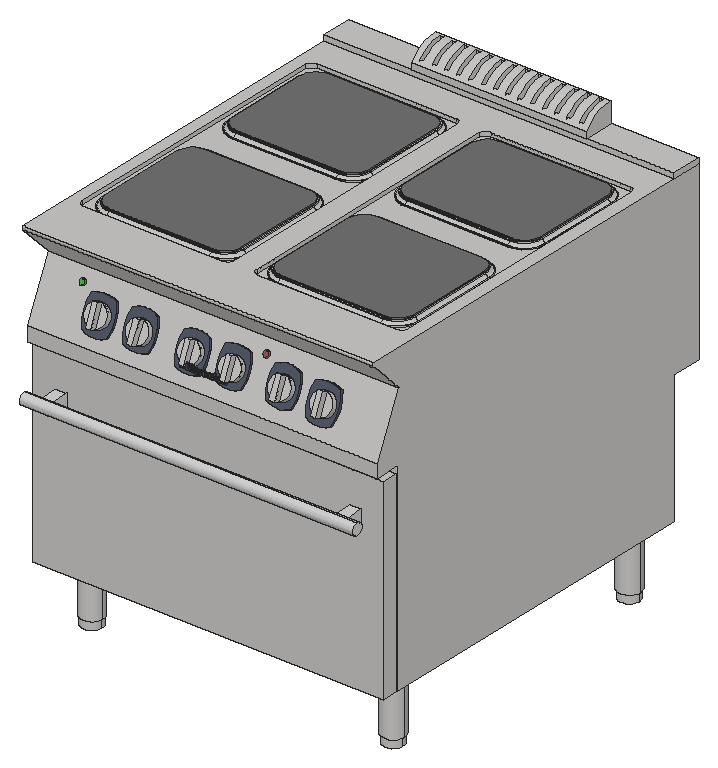
Revit family "QF_ELECTROLUXPROFESSIONAL_391184_E9ECMH4QE5", category Specialty Equipment, Revit 2018
Family settings
  Round Connector Dimension = Use Diameter
  Part Type = Normal
  Work Plane-Based = No
  Always vertical = Yes
  Cut with Voids When Loaded = No
  Shared = No
  Room Calculation Point = No
Parameters (values of type "Standard")
  Weight = 150.00 kg
  Watts = 0 W
  Volts = 400 V
  URL Manufacturer = "http://professional.electrolux.com"
  URL = "http://professional.electrolux.com"
  Steam Supply Size = 0"
  Steam Supply Minimum Pressure = 0.00 psi
  Steam Supply Maximum Pressure = 0.00 psi
  Steam Pounds per Hour = 0
  Show Logo [instance] = yes
  Show Clearance [instance] = yes
  Refrigeration Suction Line Size = 0 mm
  Refrigeration Liquid Line Size = 0 mm
  Refrigerant Compressor Remote = yes
  Phase = 3
  Model = "E9ECMH4QE5"
  Manufacturer = "Electrolux Professional"
  Length Actual = 800 mm  # constant formula
  Item Number = "391184"
  Hot Water Size = 0"
  Height Actual = 850 mm  # constant formula
  HP = "29.5 HP"
  Gas Size = 0"
  Gas KW = 0
  Gas Input Pressure = 0.0 Btu/h
  Direct Waste Size = 0"
  Description = "4HOT PLATE EL.RANGE+OVEN 800MM-400V-MAR."
  Depth Actual = 930 mm  # constant formula
  Cycle = 50 Hz
  Condensate Return Size = 0"
  Compressed Air Volume = 0 GPM
  Compressed Air Size = 0"
  Compressed Air Pressure = 0.00 psi
  Cold Water Size = 0"
  Accessory = yes
Reference planes
  plane 1 "BACK": y = 0
  plane 2: z = 0
  plane 3 "LEFT": x = 0
  plane 4 "RIGHT": x = 800
  plane 5 "FRONT": y = -930
  plane 6 "TOP": z = 851
  plane 7 "Center Y": x = 400
  plane 8 "Center X": y = -465
  plane 9 "BASE": z = 150
  plane 10: y = -802
  plane 11: y = -915
  plane 12: y = -128
  plane 13: y = -609
  plane 14: y = -583
  plane 15: x = 56
  plane 16: x = 744
  plane 17: z = 909
  plane 18: y = -1309
Forms (mm)
  Extrusion 1, solid, material "QF_Finishes_Stainless Steel"
    sketch origin (0, 0, 0) x (0, 1, 0) y (0, 0, 1)
      loop
        line (0, 851) -> (-928.041, 851)
        arc (-928.041, 851) -> (-929.999, 846.526) -> (-928.201, 841.985) r 6.35
        line (-928.201, 841.985) -> (-856.039, 767.809) -> (-915, 639.041) -> (-915, 606.789) -> (-859.023, 612.7) -> (-859.023, 150) -> (-71, 150) -> (-71, 450) -> (0, 450) -> (0, 851)
    from 0 to 800
  Extrusion 2, void
    sketch origin (0, -198.623, 849.237) x (-1, 0, 0) y (0, -1, 0)
      loop
        arc (-42.5, -55.089) -> (-31.893, -50.696) -> (-27.5, -40.089) r 15
        line (-27.5, -40.089) -> (-27.5, 595.262)
        arc (-27.5, 595.262) -> (-31.893, 605.868) -> (-42.5, 610.262) r 15
        line (-42.5, 610.262) -> (-359.751, 610.262)
        arc (-359.751, 610.262) -> (-370.358, 605.868) -> (-374.751, 595.262) r 15
        line (-374.751, 595.262) -> (-374.751, -40.089)
        arc (-374.751, -40.089) -> (-370.358, -50.696) -> (-359.751, -55.089) r 15
        line (-359.751, -55.089) -> (-42.5, -55.089)
      loop
        line (-757.5, -55.089) -> (-440.249, -55.089)
        arc (-440.249, -55.089) -> (-429.642, -50.696) -> (-425.249, -40.089) r 15
        line (-425.249, -40.089) -> (-425.249, 595.262)
        arc (-425.249, 595.262) -> (-429.642, 605.868) -> (-440.249, 610.262) r 15
        line (-440.249, 610.262) -> (-757.5, 610.262)
        arc (-757.5, 610.262) -> (-768.107, 605.868) -> (-772.5, 595.262) r 15
        line (-772.5, 595.262) -> (-772.5, -40.089)
        arc (-772.5, -40.089) -> (-768.107, -50.696) -> (-757.5, -55.089) r 15
    from 1.763 to -6.35
  Extrusion 3, solid, material "QF_Clearances", visible <- "Show Clearance", detail levels coarse
    sketch origin (0, -198.623, 634) x (1, 0, 0) y (0, 1, 0)
      loop
        line (0, -731.377) -> (0, 198.623) -> (800, 198.623) -> (800, -731.377) -> (900.019, -731.377) -> (900.019, 298.642) -> (-100.019, 298.642) -> (-100.019, -731.377) -> (0, -731.377)
    from -634 to 275
  Extrusion 4, solid, material "QF_Finishes_Stainless Steel"
    sketch origin (0, -198.623, 842.887) x (-1, 0, 0) y (0, -1, 0)
      loop
        arc (-86.725, 312.377) -> (-58.441, 324.092) -> (-46.725, 352.377) r 40
        line (-46.725, 352.377) -> (-46.725, 553.377)
        arc (-46.725, 553.377) -> (-58.441, 581.661) -> (-86.725, 593.377) r 40
        line (-86.725, 593.377) -> (-321.725, 593.377)
        arc (-321.725, 593.377) -> (-350.009, 581.661) -> (-361.725, 553.377) r 40
        line (-361.725, 553.377) -> (-361.725, 352.377)
        arc (-361.725, 352.377) -> (-350.009, 324.092) -> (-321.725, 312.377) r 40
        line (-321.725, 312.377) -> (-86.725, 312.377)
      loop
        line (-86.725, 230.796) -> (-321.725, 230.796)
        arc (-321.725, 230.796) -> (-350.009, 219.08) -> (-361.725, 190.796) r 40
        line (-361.725, 190.796) -> (-361.725, 1.796)
        arc (-361.725, 1.796) -> (-350.009, -26.488) -> (-321.725, -38.204) r 40
        line (-321.725, -38.204) -> (-86.725, -38.204)
        arc (-86.725, -38.204) -> (-58.441, -26.488) -> (-46.725, 1.796) r 40
        line (-46.725, 1.796) -> (-46.725, 190.796)
        arc (-46.725, 190.796) -> (-58.441, 219.08) -> (-86.725, 230.796) r 40
      loop
        line (-713.275, 312.377) -> (-478.275, 312.377)
        arc (-478.275, 312.377) -> (-449.991, 324.092) -> (-438.275, 352.377) r 40
        line (-438.275, 352.377) -> (-438.275, 553.377)
        arc (-438.275, 553.377) -> (-449.991, 581.661) -> (-478.275, 593.377) r 40
        line (-478.275, 593.377) -> (-713.275, 593.377)
        arc (-713.275, 593.377) -> (-741.559, 581.661) -> (-753.275, 553.377) r 40
        line (-753.275, 553.377) -> (-753.275, 352.377)
        arc (-753.275, 352.377) -> (-741.559, 324.092) -> (-713.275, 312.377) r 40
      loop
        arc (-713.275, 230.796) -> (-741.559, 219.08) -> (-753.275, 190.796) r 40
        line (-753.275, 190.796) -> (-753.275, 1.796)
        arc (-753.275, 1.796) -> (-741.559, -26.488) -> (-713.275, -38.204) r 40
        line (-713.275, -38.204) -> (-478.275, -38.204)
        arc (-478.275, -38.204) -> (-449.991, -26.488) -> (-438.275, 1.796) r 40
        line (-438.275, 1.796) -> (-438.275, 190.796)
        arc (-438.275, 190.796) -> (-449.991, 219.08) -> (-478.275, 230.796) r 40
        line (-478.275, 230.796) -> (-713.275, 230.796)
    from 0 to 10
  Sweep 5, solid, material "QF_Finishes_Stainless Steel"
    path origin (0, -198.623, 852.887) x (-1, 0, 0) y (0, -1, 0)
      loop
        line (-46.725, 352.377) -> (-46.725, 553.377)
        arc (-46.725, 553.377) -> (-58.441, 581.661) -> (-86.725, 593.377) r 40
        line (-86.725, 593.377) -> (-321.725, 593.377)
        arc (-321.725, 593.377) -> (-350.009, 581.661) -> (-361.725, 553.377) r 40
        line (-361.725, 553.377) -> (-361.725, 352.377)
        arc (-361.725, 352.377) -> (-350.009, 324.092) -> (-321.725, 312.377) r 40
        line (-321.725, 312.377) -> (-86.725, 312.377)
        arc (-86.725, 312.377) -> (-58.441, 324.092) -> (-46.725, 352.377) r 40
    profile origin (46.725, -651.5, 852.887) x (1, 0, 0) y (0, 0, 1)
      loop
        arc (0, -1.759) -> (-2.638, -5.472) -> (-6.35, -8.109) r 13.651
        line (-6.35, -8.109) -> (-8.064, -8.109) -> (-8.064, -10) -> (0, -10) -> (0, -1.759)
  Sweep 6, solid, material "QF_Finishes_Stainless Steel"
    path origin (0, 151.957, 852.887) x (-1, 0, 0) y (0, -1, 0)
      loop
        line (-46.725, 352.377) -> (-46.725, 541.377)
        arc (-46.725, 541.377) -> (-58.441, 569.661) -> (-86.725, 581.377) r 40
        line (-86.725, 581.377) -> (-321.725, 581.377)
        arc (-321.725, 581.377) -> (-350.009, 569.661) -> (-361.725, 541.377) r 40
        line (-361.725, 541.377) -> (-361.725, 352.377)
        arc (-361.725, 352.377) -> (-350.009, 324.092) -> (-321.725, 312.377) r 40
        line (-321.725, 312.377) -> (-86.725, 312.377)
        arc (-86.725, 312.377) -> (-58.441, 324.092) -> (-46.725, 352.377) r 40
    profile origin (46.725, -294.919, 852.887) x (1, 0, 0) y (0, 0, 1)
      loop
        arc (0, -1.759) -> (-2.638, -5.472) -> (-6.35, -8.109) r 13.651
        line (-6.35, -8.109) -> (-8.064, -8.109) -> (-8.064, -10) -> (0, -10) -> (0, -1.759)
  Extrusion 7, solid, material "QF_Finishes_Rubber Black"
    sketch origin (0, -198.623, 852.887) x (-1, 0, 0) y (0, -1, 0)
      loop
        arc (-49.725, 190.796) -> (-60.562, 216.959) -> (-86.725, 227.796) r 37
        line (-86.725, 227.796) -> (-321.725, 227.796)
        arc (-321.725, 227.796) -> (-347.888, 216.959) -> (-358.725, 190.796) r 37
        line (-358.725, 190.796) -> (-358.725, 1.796)
        arc (-358.725, 1.796) -> (-347.888, -24.367) -> (-321.725, -35.204) r 37
        line (-321.725, -35.204) -> (-86.725, -35.204)
        arc (-86.725, -35.204) -> (-60.562, -24.367) -> (-49.725, 1.796) r 37
        line (-49.725, 1.796) -> (-49.725, 190.796)
      loop
        arc (-86.725, 315.377) -> (-60.562, 326.214) -> (-49.725, 352.377) r 37
        line (-49.725, 352.377) -> (-49.725, 553.377)
        arc (-49.725, 553.377) -> (-60.562, 579.54) -> (-86.725, 590.377) r 37
        line (-86.725, 590.377) -> (-321.725, 590.377)
        arc (-321.725, 590.377) -> (-347.888, 579.54) -> (-358.725, 553.377) r 37
        line (-358.725, 553.377) -> (-358.725, 352.377)
        arc (-358.725, 352.377) -> (-347.888, 326.214) -> (-321.725, 315.377) r 37
        line (-321.725, 315.377) -> (-86.725, 315.377)
      loop
        line (-750.275, 190.796) -> (-750.275, 1.796)
        arc (-750.275, 1.796) -> (-739.438, -24.367) -> (-713.275, -35.204) r 37
        line (-713.275, -35.204) -> (-478.275, -35.204)
        arc (-478.275, -35.204) -> (-452.112, -24.367) -> (-441.275, 1.796) r 37
        line (-441.275, 1.796) -> (-441.275, 190.796)
        arc (-441.275, 190.796) -> (-452.112, 216.959) -> (-478.275, 227.796) r 37
        line (-478.275, 227.796) -> (-713.275, 227.796)
        arc (-713.275, 227.796) -> (-739.438, 216.959) -> (-750.275, 190.796) r 37
      loop
        line (-713.275, 315.377) -> (-478.275, 315.377)
        arc (-478.275, 315.377) -> (-452.112, 326.214) -> (-441.275, 352.377) r 37
        line (-441.275, 352.377) -> (-441.275, 553.377)
        arc (-441.275, 553.377) -> (-452.112, 579.54) -> (-478.275, 590.377) r 37
        line (-478.275, 590.377) -> (-713.275, 590.377)
        arc (-713.275, 590.377) -> (-739.438, 579.54) -> (-750.275, 553.377) r 37
        line (-750.275, 553.377) -> (-750.275, 352.377)
        arc (-750.275, 352.377) -> (-739.438, 326.214) -> (-713.275, 315.377) r 37
    from 0 to 2
  Extrusion 8, solid, material "QF_Finishes_Green"
    sketch origin (8.75, -915, 639.041) x (0, 0.416318, 0.909219) y (-1, 0, 0)
      loop
        circle (111.946, -80.648) r 6.35
    from 0 to 3.175
  Extrusion 9, solid, material "QF_Finishes_Stainless Steel"
    sketch origin (-24.783, -926.544, 650) x (0, 0.421077, 0.907025) y (-1, 0, 0)
      loop
        line (85.433, -162.517) -> (35.969, -162.517)
        arc (35.969, -162.517) -> (35.301, -168.303) -> (35.969, -174.089) r 25.4
        line (35.969, -174.089) -> (85.433, -174.089)
        arc (85.433, -174.089) -> (86.101, -168.303) -> (85.433, -162.517) r 25.4
      loop
        line (85.433, -257.517) -> (35.969, -257.517)
        arc (35.969, -257.517) -> (35.301, -263.303) -> (35.969, -269.089) r 25.4
        line (35.969, -269.089) -> (85.433, -269.089)
        arc (85.433, -269.089) -> (86.101, -263.303) -> (85.433, -257.517) r 25.4
      loop
        line (85.433, -375.017) -> (35.969, -375.017)
        arc (35.969, -375.017) -> (35.301, -380.803) -> (35.969, -386.589) r 25.4
        line (35.969, -386.589) -> (85.433, -386.589)
        arc (85.433, -386.589) -> (86.101, -380.803) -> (85.433, -375.017) r 25.4
      loop
        line (85.433, -468.767) -> (35.969, -468.767)
        arc (35.969, -468.767) -> (35.301, -474.553) -> (35.969, -480.339) r 25.4
        line (35.969, -480.339) -> (85.433, -480.339)
        arc (85.433, -480.339) -> (86.101, -474.553) -> (85.433, -468.767) r 25.4
      loop
        line (85.433, -582.517) -> (35.969, -582.517)
        arc (35.969, -582.517) -> (35.301, -588.303) -> (35.969, -594.089) r 25.4
        line (35.969, -594.089) -> (85.433, -594.089)
        arc (85.433, -594.089) -> (86.101, -588.303) -> (85.433, -582.517) r 25.4
      loop
        line (85.433, -677.517) -> (35.969, -677.517)
        arc (35.969, -677.517) -> (35.301, -683.303) -> (35.969, -689.089) r 25.4
        line (35.969, -689.089) -> (85.433, -689.089)
        arc (85.433, -689.089) -> (86.101, -683.303) -> (85.433, -677.517) r 25.4
    from 0 to 12.7
  Extrusion 10, solid, material "QF_Finishes_Stainless Steel"
    sketch origin (417.5, -915.025, 642.777) x (0, 0.421077, 0.907025) y (-1, 0, 0)
      loop
        circle (62.576, 274.037) r 25.4
      loop
        circle (62.576, 179.037) r 25.4
      loop
        circle (62.576, 61.537) r 25.4
      loop
        circle (62.576, -32.213) r 25.4
      loop
        circle (62.576, -145.963) r 25.4
      loop
        circle (62.576, -240.963) r 25.4
    from 0 to 12.7
  Extrusion 11, solid, material "QF_Finishes_Stainless Steel"
    sketch origin (0, -117, 150) x (-1, 0, 0) y (0, 1, 0)
      loop
        circle (-753, -596) r 12.7
    from 0 to 12.7
  Extrusion 12, solid, material "QF_Finishes_Stainless Steel"
    sketch origin (0, -117, 150) x (-1, 0, 0) y (0, 1, 0)
      loop
        circle (-757, -459) r 12.7
    from 0 to 12.7
  Extrusion 13, solid, material "QF_Finishes_Navy Blue - Electrolux"
    sketch origin (0, -915, 639.041) x (0, 0.416318, 0.909219) y (-1, 0, 0)
      loop
        arc (103.364, -265.26) -> (110.078, -236.685) -> (103.364, -208.11) r 64.16
        arc (103.364, -208.11) -> (68.487, -201.089) -> (33.619, -208.154) r 89.853
        arc (33.619, -208.154) -> (26.924, -236.685) -> (33.619, -265.215) r 64.14
        arc (33.619, -265.215) -> (68.487, -272.277) -> (103.364, -265.26) r 89.894
      loop
        arc (100.864, -172.403) -> (107.578, -143.828) -> (100.864, -115.253) r 64.16
        arc (100.864, -115.253) -> (65.987, -108.232) -> (31.119, -115.297) r 89.853
        arc (31.119, -115.297) -> (24.424, -143.828) -> (31.119, -172.359) r 64.14
        arc (31.119, -172.359) -> (65.987, -179.42) -> (100.864, -172.403) r 89.894
      loop
        arc (103.364, -534.74) -> (68.487, -527.723) -> (33.619, -534.785) r 89.894
        arc (33.619, -534.785) -> (26.924, -563.315) -> (33.619, -591.846) r 64.14
        arc (33.619, -591.846) -> (68.487, -598.911) -> (103.364, -591.89) r 89.853
        arc (103.364, -591.89) -> (110.078, -563.315) -> (103.364, -534.74) r 64.16
      loop
        arc (100.864, -627.597) -> (65.987, -620.58) -> (31.119, -627.641) r 89.894
        arc (31.119, -627.641) -> (24.424, -656.172) -> (31.119, -684.703) r 64.14
        arc (31.119, -684.703) -> (65.987, -691.768) -> (100.864, -684.747) r 89.853
        arc (100.864, -684.747) -> (107.578, -656.172) -> (100.864, -627.597) r 64.16
      loop
        arc (103.364, -477.479) -> (110.078, -448.904) -> (103.364, -420.329) r 64.16
        arc (103.364, -420.329) -> (68.487, -413.308) -> (33.619, -420.374) r 89.853
        arc (33.619, -420.374) -> (26.924, -448.904) -> (33.619, -477.435) r 64.14
        arc (33.619, -477.435) -> (68.487, -484.496) -> (103.364, -477.479) r 89.894
      loop
        arc (100.864, -384.622) -> (107.578, -356.047) -> (100.864, -327.472) r 64.16
        arc (100.864, -327.472) -> (65.987, -320.452) -> (31.119, -327.517) r 89.853
        arc (31.119, -327.517) -> (24.424, -356.047) -> (31.119, -384.578) r 64.14
        arc (31.119, -384.578) -> (65.987, -391.64) -> (100.864, -384.622) r 89.894
    from 0 to 4
  Extrusion 14, void
    sketch origin (200, 0, 849.237) x (-1, 0, 0) y (0, -1, 0)
      loop
        line (-13.453, 6.761) -> (-13.453, 61.923) -> (-22.749, 61.923) -> (-22.749, 6.761) -> (-13.453, 6.761)
    from 25.4 to 63.5
  Extrusion 15, void
    sketch origin (600.05, 0, 849.237) x (1, 0, 0) y (0, 1, 0)
      loop
        line (-13.503, -6.761) -> (-22.799, -6.761) -> (-22.799, -61.923) -> (-13.503, -61.923) -> (-13.503, -6.761)
    from 25.4 to 63.5
  Extrusion 16, void
    sketch origin (227.988, 0, 849.237) x (-1, 0, 0) y (0, -1, 0)
      loop
        line (-13.453, 6.761) -> (-13.453, 61.923) -> (-22.749, 61.923) -> (-22.749, 6.761) -> (-13.453, 6.761)
    from 25.4 to 63.5
  Extrusion 17, void
    sketch origin (255.977, 0, 849.237) x (-1, 0, 0) y (0, -1, 0)
      loop
        line (-13.453, 6.761) -> (-13.453, 61.923) -> (-22.749, 61.923) -> (-22.749, 6.761) -> (-13.453, 6.761)
    from 25.4 to 63.5
  Extrusion 18, void
    sketch origin (283.965, 0, 849.237) x (-1, 0, 0) y (0, -1, 0)
      loop
        line (-13.428, 6.761) -> (-13.428, 61.923) -> (-22.724, 61.923) -> (-22.724, 6.761) -> (-13.428, 6.761)
    from 25.4 to 63.5
  Extrusion 19, void
    sketch origin (311.953, 0, 849.237) x (-1, 0, 0) y (0, -1, 0)
      loop
        line (-13.428, 6.761) -> (-13.428, 61.923) -> (-22.724, 61.923) -> (-22.724, 6.761) -> (-13.428, 6.761)
    from 25.4 to 63.5
  Extrusion 20, void
    sketch origin (339.942, 0, 849.237) x (-1, 0, 0) y (0, -1, 0)
      loop
        line (-13.428, 6.761) -> (-13.428, 61.923) -> (-22.724, 61.923) -> (-22.724, 6.761) -> (-13.428, 6.761)
    from 25.4 to 63.5
  Extrusion 21, void
    sketch origin (367.93, 0, 849.237) x (-1, 0, 0) y (0, -1, 0)
      loop
        line (-13.428, 6.761) -> (-13.428, 61.923) -> (-22.724, 61.923) -> (-22.724, 6.761) -> (-13.428, 6.761)
    from 25.4 to 63.5
  Extrusion 22, void
    sketch origin (395.918, 0, 849.237) x (-1, 0, 0) y (0, -1, 0)
      loop
        line (-13.428, 6.761) -> (-13.428, 61.923) -> (-22.724, 61.923) -> (-22.724, 6.761) -> (-13.428, 6.761)
    from 25.4 to 63.5
  Extrusion 23, void
    sketch origin (423.907, 0, 849.237) x (-1, 0, 0) y (0, -1, 0)
      loop
        line (-13.428, 6.761) -> (-13.428, 61.923) -> (-22.724, 61.923) -> (-22.724, 6.761) -> (-13.428, 6.761)
    from 25.4 to 63.5
  Extrusion 24, void
    sketch origin (451.895, 0, 849.237) x (-1, 0, 0) y (0, -1, 0)
      loop
        line (-13.428, 6.761) -> (-13.428, 61.923) -> (-22.724, 61.923) -> (-22.724, 6.761) -> (-13.428, 6.761)
    from 25.4 to 63.5
  Extrusion 25, void
    sketch origin (479.884, 0, 849.237) x (-1, 0, 0) y (0, -1, 0)
      loop
        line (-13.403, 6.761) -> (-13.403, 61.923) -> (-22.699, 61.923) -> (-22.699, 6.761) -> (-13.403, 6.761)
    from 25.4 to 63.5
  Extrusion 26, void
    sketch origin (507.872, 0, 849.237) x (-1, 0, 0) y (0, -1, 0)
      loop
        line (-13.403, 6.761) -> (-13.403, 61.923) -> (-22.699, 61.923) -> (-22.699, 6.761) -> (-13.403, 6.761)
    from 25.4 to 63.5
  Extrusion 27, void
    sketch origin (535.86, 0, 849.237) x (-1, 0, 0) y (0, -1, 0)
      loop
        line (-13.403, 6.761) -> (-13.403, 61.923) -> (-22.699, 61.923) -> (-22.699, 6.761) -> (-13.403, 6.761)
    from 25.4 to 63.5
  Sweep 28, solid, material "QF_Finishes_Stainless Steel"
    path origin (800, -198.623, 852.887) x (1, 0, 0) y (0, 1, 0)
      loop
        arc (-46.725, -352.377) -> (-58.441, -324.092) -> (-86.725, -312.377) r 40
        line (-86.725, -312.377) -> (-321.725, -312.377)
        arc (-321.725, -312.377) -> (-350.009, -324.092) -> (-361.725, -352.377) r 40
        line (-361.725, -352.377) -> (-361.725, -553.377)
        arc (-361.725, -553.377) -> (-350.009, -581.661) -> (-321.725, -593.377) r 40
        line (-321.725, -593.377) -> (-86.725, -593.377)
        arc (-86.725, -593.377) -> (-58.441, -581.661) -> (-46.725, -553.377) r 40
        line (-46.725, -553.377) -> (-46.725, -352.377)
    profile origin (753.275, -651.5, 852.887) x (1, 0, 0) y (0, 0, 1)
      loop
        line (0, -1.759) -> (0, -10) -> (8.064, -10) -> (8.064, -8.109) -> (6.35, -8.109)
        arc (6.35, -8.109) -> (2.638, -5.472) -> (0, -1.759) r 13.651
  Sweep 29, solid, material "QF_Finishes_Stainless Steel"
    path origin (800, 151.957, 852.887) x (1, 0, 0) y (0, 1, 0)
      loop
        arc (-46.725, -352.377) -> (-58.441, -324.092) -> (-86.725, -312.377) r 40
        line (-86.725, -312.377) -> (-321.725, -312.377)
        arc (-321.725, -312.377) -> (-350.009, -324.092) -> (-361.725, -352.377) r 40
        line (-361.725, -352.377) -> (-361.725, -541.377)
        arc (-361.725, -541.377) -> (-350.009, -569.661) -> (-321.725, -581.377) r 40
        line (-321.725, -581.377) -> (-86.725, -581.377)
        arc (-86.725, -581.377) -> (-58.441, -569.661) -> (-46.725, -541.377) r 40
        line (-46.725, -541.377) -> (-46.725, -352.377)
    profile origin (753.275, -294.919, 852.887) x (1, 0, 0) y (0, 0, 1)
      loop
        line (0, -1.759) -> (0, -10) -> (8.064, -10) -> (8.064, -8.109) -> (6.35, -8.109)
        arc (6.35, -8.109) -> (2.638, -5.472) -> (0, -1.759) r 13.651
  Extrusion 30, solid, material "QF_Finishes_Stainless Steel"
    sketch origin (0, -859.023, 150) x (0, 0, 1) y (-1, 0, 0)
      loop
        line (0, 0) -> (0, -800) -> (445.711, -800) -> (445.711, 0) -> (0, 0)
    from 5 to 41
  Revolve 31, solid, material "QF_Finishes_Stainless Steel"
    sketch origin (689, -802, 0) x (1, 0, 0) y (0, 0, 1)
      loop
        line (55, 0) -> (55, 150) -> (29.6, 150) -> (29.6, 19.05) -> (32.1, 19.05) -> (32.1, 0) -> (55, 0)
      axis (55, 0) -> (55, 150)
    angle from 0 to 360
  Revolve 32, solid, material "QF_Finishes_Stainless Steel"
    sketch origin (1, -802, 0) x (1, 0, 0) y (0, 0, 1)
      loop
        line (55, 0) -> (55, 150) -> (29.6, 150) -> (29.6, 19.05) -> (32.1, 19.05) -> (32.1, 0) -> (55, 0)
      axis (55, 0) -> (55, 150)
    angle from 0 to 360
  Revolve 33, solid, material "QF_Finishes_Stainless Steel"
    sketch origin (689, -128, 0) x (1, 0, 0) y (0, 0, 1)
      loop
        line (55, 0) -> (55, 150) -> (29.6, 150) -> (29.6, 19.05) -> (32.1, 19.05) -> (32.1, 0) -> (55, 0)
      axis (55, 0) -> (55, 150)
    angle from 0 to 360
  Revolve 34, solid, material "QF_Finishes_Stainless Steel"
    sketch origin (1, -128, 0) x (1, 0, 0) y (0, 0, 1)
      loop
        line (55, 0) -> (55, 150) -> (29.6, 150) -> (29.6, 19.05) -> (32.1, 19.05) -> (32.1, 0) -> (55, 0)
      axis (55, 0) -> (55, 150)
    angle from 0 to 360
  Extrusion 35, solid, material "QF_Finishes_Stainless Steel"
    sketch origin (200, 0, 634) x (0, 1, 0) y (0, 0, 1)
      loop
        line (0, 228.923) -> (0, 275.762)
        arc (0, 275.762) -> (-38.885, 267.372) -> (-69.85, 242.4) r 86.116
        line (-69.85, 242.4) -> (-69.85, 228.923) -> (0, 228.923)
    from 0 to 400
  Extrusion 36, solid, material "QF_Door-Drawer Clearances", visible <- "Show Clearance", detail levels coarse
    sketch origin (0, -859.023, 595.711) x (0, 0, -1) y (0, -1, 0)
      loop
        line (0, 41) -> (445.711, 41) -> (445.711, 392.895)
        arc (445.711, 392.895) -> (157.765, 299.391) -> (0, 41) r 436.284
    from 0 to -800
  Extrusion 37, solid, material "QF_Finishes_Handrails and Railings"
    sketch origin (800, -852.093, 150) x (0, 0, 1) y (0, -1, 0)
      loop
        line (371.951, 47.778) -> (369.246, 86.456)
        arc (369.246, 86.456) -> (355.439, 87.649) -> (350.943, 100.759) r 12.7
        arc (350.943, 100.759) -> (350.126, 100.218) -> (349.351, 99.619) r 13.441
        arc (349.351, 99.619) -> (347.905, 97.814) -> (347.285, 95.586) r 5.77
        line (347.285, 95.586) -> (343.942, 47.778) -> (371.951, 47.778)
    from -76.2 to -50.8
  Extrusion 38, solid, material "QF_Finishes_Handrails and Railings"
    sketch origin (0, -852.093, 602.071) x (0, 0, -1) y (0, -1, 0)
      loop
        circle (88.812, 97.656) r 12.7
    from -19.875 to -780.125
  Extrusion 39, solid, material "QF_Finishes_Handrails and Railings"
    sketch origin (0, -852.093, 150) x (0, 0, 1) y (0, 1, 0)
      loop
        line (371.951, -47.778) -> (343.942, -47.778) -> (347.285, -95.586)
        arc (347.285, -95.586) -> (347.905, -97.814) -> (349.351, -99.619) r 5.77
        arc (349.351, -99.619) -> (350.126, -100.218) -> (350.943, -100.759) r 13.441
        arc (350.943, -100.759) -> (355.439, -87.649) -> (369.246, -86.456) r 12.7
        line (369.246, -86.456) -> (371.951, -47.778)
    from -76.2 to -50.8
  Extrusion 40, solid, material "QF_Finishes_Stainless Steel"
    sketch origin (800, 0, 0) x (0, 1, 0) y (0, 0, 1)
      loop
        line (-69.85, 851) -> (0, 851) -> (0, 862.923) -> (-69.85, 862.923) -> (-69.85, 851)
    from 0 to -800
  Extrusion 41, solid, material "QF_Finishes_Red"
    sketch origin (428.75, -915, 639.041) x (0, 0.416318, 0.909219) y (-1, 0, 0)
      loop
        circle (111.946, -80.648) r 6.35
    from 0 to 3.175
  Extrusion 42, solid, material "QF_Finishes_Navy Blue", visible <- "Show Logo"
    sketch origin (0, -915, 665.09) x (0, 0, 1) y (-1, 0, 0)
      loop
        line (27.074, -357.34) -> (14.707, -357.34)
        arc (14.707, -357.34) -> (20.891, -361.912) -> (27.074, -357.34) r 6.467
      loop
        arc (27.074, -356.711) -> (25.905, -351.568) -> (21.249, -349.09) r 6.338
        line (21.249, -349.09) -> (21.249, -351.136)
        arc (21.249, -351.136) -> (22.733, -354.791) -> (26.178, -356.711) r 5.941
        line (26.178, -356.711) -> (27.074, -356.711)
      loop
        arc (15.603, -356.711) -> (19.048, -354.791) -> (20.532, -351.136) r 5.941
        line (20.532, -351.136) -> (20.532, -349.09)
        arc (20.532, -349.09) -> (15.838, -351.564) -> (14.548, -356.711) r 6.504
        line (14.548, -356.711) -> (15.603, -356.711)
      loop
        line (27.749, -348.621) -> (14.004, -348.621) -> (14.004, -362.384) -> (27.749, -362.384) -> (27.749, -348.621)
      loop
        arc (27.832, -365.352) -> (27.485, -364.994) -> (27.118, -365.332) r 0.358
        arc (27.118, -365.332) -> (26.804, -366.082) -> (26.087, -366.467) r 1.216
        line (26.087, -366.467) -> (15.674, -366.467)
        arc (15.674, -366.467) -> (15.014, -366.19) -> (14.618, -365.593) r 1.238
        arc (14.618, -365.593) -> (14.223, -365.342) -> (13.918, -365.696) r 0.358
        line (13.918, -365.696) -> (13.918, -375.575) -> (16.669, -375.575) -> (16.669, -374.678)
        arc (16.669, -374.678) -> (15.76, -374.098) -> (15.304, -373.121) r 1.928
        line (15.304, -373.121) -> (15.304, -370.622)
        arc (15.304, -370.622) -> (15.58, -369.893) -> (16.268, -369.529) r 1.101
        line (16.268, -369.529) -> (20.355, -369.529) -> (20.355, -373.203)
        arc (20.355, -373.203) -> (20.002, -373.7) -> (19.437, -373.928) r 1.083
        arc (19.437, -373.928) -> (19.173, -374.233) -> (19.465, -374.511) r 0.292
        line (19.465, -374.511) -> (22.428, -374.511)
        arc (22.428, -374.511) -> (22.73, -374.238) -> (22.492, -373.908) r 0.305
        arc (22.492, -373.908) -> (22.001, -373.66) -> (21.696, -373.203) r 1.083
        line (21.696, -373.203) -> (21.696, -369.529) -> (26.373, -369.529) -> (26.373, -373.277)
        arc (26.373, -373.277) -> (26.159, -374.032) -> (25.553, -374.53) r 1.314
        arc (25.553, -374.53) -> (25.334, -374.934) -> (25.688, -375.227) r 0.361
        line (25.688, -375.227) -> (27.832, -375.227) -> (27.832, -365.352)
      loop
        arc (27.115, -376.007) -> (26.735, -376.926) -> (25.816, -377.306) r 1.299
        line (25.816, -377.306) -> (16.237, -377.306)
        arc (16.237, -377.306) -> (15.399, -376.928) -> (15.128, -376.05) r 1.118
        line (15.128, -376.05) -> (13.918, -376.05) -> (13.918, -381.4) -> (15.106, -381.4)
        arc (15.106, -381.4) -> (15.378, -380.483) -> (16.248, -380.087) r 1.153
        line (16.248, -380.087) -> (28.32, -380.087) -> (27.115, -376.007)
      loop
        line (18.883, -384.036) -> (18.883, -390.484) -> (19.682, -390.484)
        arc (19.682, -390.484) -> (22.262, -389.499) -> (23.531, -387.046) r 3.874
        line (23.531, -387.046) -> (23.531, -385.285)
        arc (23.531, -385.285) -> (22.344, -382.42) -> (19.48, -381.234) r 4.051
        line (19.48, -381.234) -> (17.472, -381.234)
        arc (17.472, -381.234) -> (14.653, -382.719) -> (13.602, -385.726) r 4.352
        arc (13.602, -385.726) -> (13.966, -388.189) -> (15.343, -390.264) r 5.713
        line (15.343, -390.264) -> (16.292, -390.264)
        arc (16.292, -390.264) -> (15.56, -388.694) -> (15.343, -386.976) r 5.579
        arc (15.343, -386.976) -> (16.137, -385.013) -> (18.016, -384.036) r 3.057
        line (18.016, -384.036) -> (18.883, -384.036)
      loop
        line (20.142, -384.036) -> (20.142, -387.619)
        arc (20.142, -387.619) -> (21.599, -387.666) -> (22.482, -386.506) r 1.59
        line (22.482, -386.506) -> (22.482, -385.676)
        arc (22.482, -385.676) -> (21.617, -384.421) -> (20.142, -384.036) r 2.184
      loop
        arc (22.933, -399.901) -> (23.422, -398.227) -> (23.579, -396.49) r 9.023
        line (23.579, -396.49) -> (23.579, -395.128)
        arc (23.579, -395.128) -> (22.42, -392.328) -> (19.62, -391.169) r 3.959
        line (19.62, -391.169) -> (17.02, -391.169)
        arc (17.02, -391.169) -> (14.738, -392.461) -> (13.621, -394.834) r 4.331
        line (13.621, -394.834) -> (13.621, -396.969)
        arc (13.621, -396.969) -> (14.129, -398.519) -> (15.051, -399.865) r 5.772
        arc (15.051, -399.865) -> (15.812, -399.916) -> (15.899, -399.157) r 0.553
        arc (15.899, -399.157) -> (15.511, -398.423) -> (15.377, -397.604) r 2.573
        line (15.377, -397.604) -> (15.377, -396.089)
        arc (15.377, -396.089) -> (16.383, -394.448) -> (18.198, -393.805) r 2.884
        line (18.198, -393.805) -> (19.477, -393.805)
        arc (19.477, -393.805) -> (21.298, -394.365) -> (22.224, -396.03) r 2.554
        line (22.224, -396.03) -> (22.224, -397.083)
        arc (22.224, -397.083) -> (21.893, -398.011) -> (21.236, -398.746) r 2.564
        arc (21.236, -398.746) -> (21.014, -399.463) -> (21.623, -399.901) r 0.643
        line (21.623, -399.901) -> (22.933, -399.901)
      loop
        line (21.915, -400.172) -> (21.915, -401.673) -> (15.867, -401.673)
        arc (15.867, -401.673) -> (14.279, -402.33) -> (13.621, -403.918) r 2.246
        line (13.621, -403.918) -> (13.621, -405.502)
        arc (13.621, -405.502) -> (13.935, -406.367) -> (14.435, -407.138) r 4.06
        arc (14.435, -407.138) -> (15.168, -407.271) -> (15.419, -406.57) r 0.576
        arc (15.419, -406.57) -> (15.313, -406.045) -> (15.377, -405.512) r 1.69
        arc (15.377, -405.512) -> (15.919, -404.724) -> (16.825, -404.421) r 1.506
        line (16.825, -404.421) -> (21.963, -404.421) -> (21.963, -406.818) -> (22.519, -407.375) -> (23.341, -407.375) -> (23.341, -404.515) -> (26.572, -404.515) -> (21.915, -400.172)
      loop
        line (13.838, -408.272) -> (13.838, -413.659) -> (14.948, -413.659)
        arc (14.948, -413.659) -> (15.342, -412.708) -> (16.293, -412.314) r 1.345
        line (16.293, -412.314) -> (19.909, -412.314)
        arc (19.909, -412.314) -> (20.674, -412.906) -> (20.964, -413.828) r 1.615
        line (20.964, -413.828) -> (20.964, -415.384) -> (23.519, -416.069) -> (23.519, -414.686) -> (21.577, -412.127) -> (23.457, -412.127) -> (23.173, -409.421)
        arc (23.173, -409.421) -> (22.733, -408.891) -> (22.074, -409.092) r 0.621
        arc (22.074, -409.092) -> (21.674, -409.434) -> (21.18, -409.617) r 1.501
        line (21.18, -409.617) -> (16.293, -409.617)
        arc (16.293, -409.617) -> (15.342, -409.223) -> (14.948, -408.272) r 1.345
        line (14.948, -408.272) -> (13.838, -408.272)
      loop
        line (19.94, -415.606) -> (17.248, -415.606)
        arc (17.248, -415.606) -> (14.803, -416.914) -> (13.669, -419.445) r 4.288
        arc (13.669, -419.445) -> (13.605, -420.825) -> (13.669, -422.205) r 15.022
        arc (13.669, -422.205) -> (14.803, -424.736) -> (17.248, -426.043) r 4.288
        line (17.248, -426.043) -> (19.94, -426.043)
        arc (19.94, -426.043) -> (22.386, -424.736) -> (23.519, -422.205) r 4.288
        arc (23.519, -422.205) -> (23.583, -420.825) -> (23.519, -419.445) r 15.022
        arc (23.519, -419.445) -> (22.386, -416.914) -> (19.94, -415.606) r 4.288
      loop
        line (20.145, -418.721) -> (17.043, -418.721)
        arc (17.043, -418.721) -> (14.886, -420.877) -> (17.043, -423.034) r 2.157
        line (17.043, -423.034) -> (20.145, -423.034)
        arc (20.145, -423.034) -> (22.302, -420.877) -> (20.145, -418.721) r 2.157
      loop
        arc (27.126, -425.902) -> (26.755, -426.796) -> (25.861, -427.166) r 1.264
        line (25.861, -427.166) -> (15.997, -427.166)
        arc (15.997, -427.166) -> (15.127, -426.769) -> (14.855, -425.853) r 1.153
        line (14.855, -425.853) -> (13.918, -425.853) -> (13.918, -430.961) -> (14.846, -430.961)
        arc (14.846, -430.961) -> (15.205, -430.189) -> (15.997, -429.874) r 1.153
        line (15.997, -429.874) -> (28.32, -429.874) -> (27.126, -425.902)
      loop
        arc (22.246, -430.499) -> (22.047, -431.563) -> (21.078, -432.045) r 1.215
        line (21.078, -432.045) -> (16.058, -432.045)
        arc (16.058, -432.045) -> (14.443, -432.693) -> (13.722, -434.276) r 2.338
        line (13.722, -434.276) -> (13.722, -435.79)
        arc (13.722, -435.79) -> (13.897, -436.794) -> (14.399, -437.68) r 2.979
        line (14.399, -437.68) -> (13.918, -439.477) -> (13.918, -441.166) -> (23.343, -441.166) -> (23.049, -436.962) -> (22.263, -436.962)
        arc (22.263, -436.962) -> (21.907, -437.798) -> (21.155, -438.307) r 1.605
        line (21.155, -438.307) -> (16.052, -438.307)
        arc (16.052, -438.307) -> (15.632, -437.37) -> (15.559, -436.346) r 2.94
        arc (15.559, -436.346) -> (16.12, -435.245) -> (17.273, -434.802) r 1.724
        line (17.273, -434.802) -> (23.47, -434.802) -> (22.246, -430.499)
      loop
        line (23.274, -442.019) -> (21.602, -444.065) -> (18.428, -446.371) -> (14.972, -443.259)
        arc (14.972, -443.259) -> (14.735, -442.865) -> (14.757, -442.406) r 0.789
        line (14.757, -442.406) -> (13.918, -442.406) -> (13.918, -445.951) -> (14.744, -445.951)
        arc (14.744, -445.951) -> (15.086, -445.589) -> (15.576, -445.681) r 0.52
        line (15.576, -445.681) -> (17.376, -447.152) -> (15.258, -448.528)
        arc (15.258, -448.528) -> (14.857, -448.218) -> (14.77, -447.718) r 0.7
        line (14.77, -447.718) -> (13.918, -447.718) -> (13.918, -453.645) -> (14.805, -453.645)
        arc (14.805, -453.645) -> (14.872, -452.986) -> (15.266, -452.455) r 1.247
        line (15.266, -452.455) -> (19.466, -449.174) -> (21.913, -451.227) -> (23.274, -452.969) -> (23.274, -449.246) -> (21.789, -449.668) -> (20.268, -448.391) -> (21.968, -447.201) -> (23.274, -447.978) -> (23.274, -442.019)
    from 0 to 1.644
Cuts and joins
  Extrusion 2 cuts Extrusion 1
  Extrusion 2 cuts Extrusion 4
  Extrusion 14, Extrusion 15, Extrusion 16, Extrusion 17, Extrusion 18, Extrusion 19, Extrusion 20, Extrusion 21, Extrusion 22, Extrusion 23, Extrusion 24, Extrusion 25, Extrusion 26, Extrusion 27 cuts Extrusion 35
Lines and regions (mm)
  symbolic lines, style "QF_Clearances", visible <- "Show Clearance", detail levels coarse
    curve 1: line (-100.019, 100.019, 401) -> (-100.019, -930, 401)
    curve 2: line (900.019, 100.019, 401) -> (-100.019, 100.019, 401)
    curve 3: line (900.019, -930, 401) -> (900.019, 100.019, 401)
  symbolic lines
    curve 4: line (400, -930, 401) -> (0, -930, 401)
    curve 5: line (27.5, -793.885, 266.888) -> (27.5, -158.534, 266.888)
    curve 6: line (42.5, -143.534, 266.888) -> (359.751, -143.534, 266.887)
    curve 7: line (374.751, -158.534, 266.887) -> (374.751, -793.885, 266.887)
    curve 8: line (359.751, -808.885, 266.887) -> (42.5, -808.885, 266.888)
    curve 9: arc (42.5, -143.534, 266.888) -> (31.893, -147.928, 266.888) -> (27.5, -158.534, 266.888) r 15
    curve 10: arc (374.751, -158.534, 266.887) -> (370.358, -147.928, 266.887) -> (359.751, -143.534, 266.887) r 15
    curve 11: arc (359.751, -808.885, 266.887) -> (370.358, -804.492, 266.887) -> (374.751, -793.885, 266.887) r 15
    curve 12: arc (27.5, -793.885, 266.888) -> (31.893, -804.492, 266.888) -> (42.5, -808.885, 266.888) r 15
    curve 13: arc (86.725, -163.419, 266.888) -> (60.562, -174.256, 266.888) -> (49.725, -200.419, 266.888) r 37
    curve 14: line (49.725, -200.419, 266.888) -> (49.725, -389.419, 266.888)
    curve 15: arc (49.725, -389.419, 266.888) -> (60.562, -415.582, 266.888) -> (86.725, -426.419, 266.888) r 37
    curve 16: line (86.725, -426.419, 266.888) -> (321.725, -426.419, 266.887)
    curve 17: arc (321.725, -426.419, 266.887) -> (347.888, -415.582, 266.887) -> (358.725, -389.419, 266.887) r 37
    curve 18: line (358.725, -389.419, 266.887) -> (358.725, -200.419, 266.887)
    curve 19: arc (358.725, -200.419, 266.887) -> (347.888, -174.256, 266.887) -> (321.725, -163.419, 266.887) r 37
    curve 20: line (321.725, -163.419, 266.887) -> (86.725, -163.419, 266.888)
    curve 21: arc (86.725, -160.419, 266.888) -> (58.441, -172.135, 266.888) -> (46.725, -200.419, 266.888) r 40
    curve 22: line (46.725, -200.419, 266.888) -> (46.725, -389.419, 266.888)
    curve 23: arc (46.725, -389.419, 266.888) -> (58.441, -417.704, 266.888) -> (86.725, -429.419, 266.888) r 40
    curve 24: line (86.725, -429.419, 266.888) -> (321.725, -429.419, 266.887)
    curve 25: arc (321.725, -429.419, 266.887) -> (350.009, -417.704, 266.887) -> (361.725, -389.419, 266.887) r 40
    curve 26: line (361.725, -389.419, 266.887) -> (361.725, -200.419, 266.887)
    curve 27: arc (361.725, -200.419, 266.887) -> (350.009, -172.135, 266.887) -> (321.725, -160.419, 266.887) r 40
    curve 28: line (321.725, -160.419, 266.887) -> (86.725, -160.419, 266.888)
    curve 29: arc (40.375, -200.419, 266.888) -> (53.951, -167.645, 266.888) -> (86.725, -154.069, 266.888) r 46.35
    curve 30: line (86.725, -154.069, 266.888) -> (321.725, -154.069, 266.887)
    curve 31: arc (321.725, -154.069, 266.887) -> (354.499, -167.645, 266.887) -> (368.075, -200.419, 266.887) r 46.35
    curve 32: line (368.075, -200.419, 266.887) -> (368.075, -389.419, 266.887)
    curve 33: arc (368.075, -389.419, 266.887) -> (354.499, -422.194, 266.887) -> (321.725, -435.769, 266.887) r 46.35
    curve 34: line (321.725, -435.769, 266.887) -> (86.725, -435.769, 266.888)
    curve 35: arc (86.725, -435.769, 266.888) -> (53.951, -422.194, 266.888) -> (40.375, -389.419, 266.888) r 46.35
    curve 36: line (40.375, -389.419, 266.888) -> (40.375, -200.419, 266.888)
    curve 37: arc (86.725, -152.355, 266.888) -> (52.738, -166.433, 266.888) -> (38.661, -200.419, 266.888) r 48.064
    curve 38: line (38.661, -200.419, 266.888) -> (38.661, -389.419, 266.888)
    curve 39: arc (38.661, -389.419, 266.888) -> (52.738, -423.406, 266.888) -> (86.725, -437.484, 266.888) r 48.064
    curve 40: line (86.725, -437.484, 266.888) -> (321.725, -437.484, 266.887)
    curve 41: arc (321.725, -437.484, 266.887) -> (355.712, -423.406, 266.887) -> (369.789, -389.419, 266.887) r 48.064
    curve 42: line (369.789, -389.419, 266.887) -> (369.789, -200.419, 266.887)
    curve 43: arc (369.789, -200.419, 266.887) -> (355.712, -166.433, 266.887) -> (321.725, -152.355, 266.887) r 48.064
    curve 44: line (321.725, -152.355, 266.887) -> (86.725, -152.355, 266.888)
    curve 45: arc (86.725, -511, 266.888) -> (58.441, -522.716, 266.888) -> (46.725, -551, 266.888) r 40
    curve 46: line (46.725, -551, 266.888) -> (46.725, -752, 266.888)
    curve 47: arc (46.725, -752, 266.888) -> (58.441, -780.284, 266.888) -> (86.725, -792, 266.888) r 40
    curve 48: line (86.725, -792, 266.888) -> (321.725, -792, 266.887)
    curve 49: arc (321.725, -792, 266.887) -> (350.009, -780.284, 266.887) -> (361.725, -752, 266.887) r 40
    curve 50: line (361.725, -752, 266.887) -> (361.725, -551, 266.887)
    curve 51: arc (361.725, -551, 266.887) -> (350.009, -522.716, 266.887) -> (321.725, -511, 266.887) r 40
    curve 52: line (321.725, -511, 266.887) -> (86.725, -511, 266.888)
    curve 53: arc (86.725, -514, 266.888) -> (60.562, -524.837, 266.888) -> (49.725, -551, 266.888) r 37
    curve 54: line (49.725, -551, 266.888) -> (49.725, -752, 266.888)
    curve 55: arc (49.725, -752, 266.888) -> (60.562, -778.163, 266.888) -> (86.725, -789, 266.888) r 37
    curve 56: line (86.725, -789, 266.888) -> (321.725, -789, 266.887)
    curve 57: arc (321.725, -789, 266.887) -> (347.888, -778.163, 266.887) -> (358.725, -752, 266.887) r 37
    curve 58: line (358.725, -752, 266.887) -> (358.725, -551, 266.887)
    curve 59: arc (358.725, -551, 266.887) -> (347.888, -524.837, 266.887) -> (321.725, -514, 266.887) r 37
    curve 60: line (321.725, -514, 266.887) -> (86.725, -514, 266.888)
    curve 61: line (0, -930, 266.888) -> (0, 0, 266.888)
    curve 62: line (222.724, -6.761, 401) -> (222.724, -61.923, 401)
    curve 63: line (222.724, -61.923, 401) -> (213.428, -61.923, 401)
    curve 64: line (213.428, -61.923, 401) -> (213.428, -6.761, 401)
    curve 65: line (213.428, -6.761, 401) -> (222.724, -6.761, 401)
    curve 66: line (586.547, -6.761, 401) -> (586.547, -61.923, 401)
    curve 67: line (586.547, -61.923, 401) -> (577.251, -61.923, 401)
    curve 68: line (577.251, -61.923, 401) -> (577.251, -6.761, 401)
    curve 69: line (577.251, -6.761, 401) -> (586.547, -6.761, 401)
    curve 70: line (250.712, -6.761, 401) -> (250.712, -61.923, 401)
    curve 71: line (250.712, -61.923, 401) -> (241.416, -61.923, 401)
    curve 72: line (241.416, -61.923, 401) -> (241.416, -6.761, 401)
    curve 73: line (241.416, -6.761, 401) -> (250.712, -6.761, 401)
    curve 74: line (278.7, -6.761, 401) -> (278.7, -61.923, 401)
    curve 75: line (278.7, -61.923, 401) -> (269.405, -61.923, 401)
    curve 76: line (269.405, -61.923, 401) -> (269.405, -6.761, 401)
    curve 77: line (269.405, -6.761, 401) -> (278.7, -6.761, 401)
    curve 78: line (306.689, -6.761, 401) -> (306.689, -61.923, 401)
    curve 79: line (306.689, -61.923, 401) -> (297.393, -61.923, 401)
    curve 80: line (297.393, -61.923, 401) -> (297.393, -6.761, 401)
    curve 81: line (297.393, -6.761, 401) -> (306.689, -6.761, 401)
    curve 82: line (334.677, -6.761, 401) -> (334.677, -61.923, 401)
    curve 83: line (334.677, -61.923, 401) -> (325.381, -61.923, 401)
    curve 84: line (325.381, -61.923, 401) -> (325.381, -6.761, 401)
    curve 85: line (325.381, -6.761, 401) -> (334.677, -6.761, 401)
    curve 86: line (362.665, -6.761, 401) -> (362.665, -61.923, 401)
    curve 87: line (362.665, -61.923, 401) -> (353.37, -61.923, 401)
    curve 88: line (353.37, -61.923, 401) -> (353.37, -6.761, 401)
    curve 89: line (353.37, -6.761, 401) -> (362.665, -6.761, 401)
    curve 90: line (390.654, -6.761, 401) -> (390.654, -61.923, 401)
    curve 91: line (390.654, -61.923, 401) -> (381.358, -61.923, 401)
    curve 92: line (381.358, -61.923, 401) -> (381.358, -6.761, 401)
    curve 93: line (381.358, -6.761, 401) -> (390.654, -6.761, 401)
    curve 94: line (418.642, -6.761, 401) -> (418.642, -61.923, 401)
    curve 95: line (418.642, -61.923, 401) -> (409.346, -61.923, 401)
    curve 96: line (409.346, -61.923, 401) -> (409.346, -6.761, 401)
    curve 97: line (409.346, -6.761, 401) -> (418.642, -6.761, 401)
    curve 98: line (446.605, -6.761, 401) -> (446.605, -61.923, 401)
    curve 99: line (446.605, -61.923, 401) -> (437.31, -61.923, 401)
    curve 100: line (437.31, -61.923, 401) -> (437.31, -6.761, 401)
    curve 101: line (437.31, -6.761, 401) -> (446.605, -6.761, 401)
    curve 102: line (474.594, -6.761, 401) -> (474.594, -61.923, 401)
    curve 103: line (474.594, -61.923, 401) -> (465.298, -61.923, 401)
    curve 104: line (465.298, -61.923, 401) -> (465.298, -6.761, 401)
    curve 105: line (465.298, -6.761, 401) -> (474.594, -6.761, 401)
    curve 106: line (502.582, -6.761, 401) -> (502.582, -61.923, 401)
    curve 107: line (502.582, -61.923, 401) -> (493.286, -61.923, 401)
    curve 108: line (493.286, -61.923, 401) -> (493.286, -6.761, 401)
    curve 109: line (493.286, -6.761, 401) -> (502.582, -6.761, 401)
    curve 110: line (530.57, -6.761, 401) -> (530.57, -61.923, 401)
    curve 111: line (530.57, -61.923, 401) -> (521.275, -61.923, 401)
    curve 112: line (521.275, -61.923, 401) -> (521.275, -6.761, 401)
    curve 113: line (521.275, -6.761, 401) -> (530.57, -6.761, 401)
    curve 114: line (558.559, -6.761, 401) -> (558.559, -61.923, 401)
    curve 115: line (558.559, -61.923, 401) -> (549.263, -61.923, 401)
    curve 116: line (549.263, -61.923, 401) -> (549.263, -6.761, 401)
    curve 117: line (549.263, -6.761, 401) -> (558.559, -6.761, 401)
    curve 118: line (600, -69.85, 401) -> (200, -69.85, 401)
    curve 119: line (200, 0, 266.887) -> (200, -69.85, 266.887)
    curve 120: line (600, -69.85, 266.887) -> (600, 0, 266.887)
    curve 121: arc (713.275, -163.419, 266.887) -> (739.438, -174.256, 266.887) -> (750.275, -200.419, 266.887) r 37
    curve 122: line (750.275, -200.419, 266.887) -> (750.275, -389.419, 266.887)
    curve 123: arc (750.275, -389.419, 266.887) -> (739.438, -415.582, 266.887) -> (713.275, -426.419, 266.887) r 37
    curve 124: line (713.275, -426.419, 266.888) -> (478.275, -426.419, 266.887)
    curve 125: arc (478.275, -426.419, 266.887) -> (452.112, -415.582, 266.887) -> (441.275, -389.419, 266.887) r 37
    curve 126: line (441.275, -389.419, 266.887) -> (441.275, -200.419, 266.887)
    curve 127: arc (441.275, -200.419, 266.887) -> (452.112, -174.256, 266.887) -> (478.275, -163.419, 266.887) r 37
    curve 128: line (478.275, -163.419, 266.887) -> (713.275, -163.419, 266.887)
    curve 129: arc (713.275, -160.419, 266.887) -> (741.559, -172.135, 266.887) -> (753.275, -200.419, 266.887) r 40
    curve 130: line (753.275, -200.419, 266.887) -> (753.275, -389.419, 266.887)
    curve 131: arc (753.275, -389.419, 266.887) -> (741.559, -417.704, 266.887) -> (713.275, -429.419, 266.887) r 40
    curve 132: line (713.275, -429.419, 266.888) -> (478.275, -429.419, 266.887)
    curve 133: arc (478.275, -429.419, 266.887) -> (449.991, -417.704, 266.887) -> (438.275, -389.419, 266.887) r 40
    curve 134: line (438.275, -389.419, 266.887) -> (438.275, -200.419, 266.887)
    curve 135: arc (438.275, -200.419, 266.887) -> (449.991, -172.135, 266.887) -> (478.275, -160.419, 266.887) r 40
    curve 136: line (478.275, -160.419, 266.887) -> (713.275, -160.419, 266.887)
    curve 137: arc (759.625, -200.419, 266.887) -> (746.049, -167.645, 266.887) -> (713.275, -154.069, 266.887) r 46.35
    curve 138: line (713.275, -154.069, 266.887) -> (478.275, -154.069, 266.887)
    curve 139: arc (478.275, -154.069, 266.887) -> (445.501, -167.645, 266.887) -> (431.925, -200.419, 266.887) r 46.35
    curve 140: line (431.925, -200.419, 266.887) -> (431.925, -389.419, 266.887)
    curve 141: arc (431.925, -389.419, 266.887) -> (445.501, -422.194, 266.887) -> (478.275, -435.769, 266.887) r 46.35
    curve 142: line (478.275, -435.769, 266.887) -> (713.275, -435.769, 266.888)
    curve 143: arc (713.275, -435.769, 266.887) -> (746.049, -422.194, 266.887) -> (759.625, -389.419, 266.887) r 46.35
    curve 144: line (759.625, -389.419, 266.887) -> (759.625, -200.419, 266.887)
    curve 145: arc (713.275, -152.355, 266.887) -> (747.262, -166.433, 266.887) -> (761.339, -200.419, 266.887) r 48.064
    curve 146: line (761.339, -200.419, 266.887) -> (761.339, -389.419, 266.887)
    curve 147: arc (761.339, -389.419, 266.887) -> (747.262, -423.406, 266.887) -> (713.275, -437.484, 266.887) r 48.064
    curve 148: line (713.275, -437.484, 266.888) -> (478.275, -437.484, 266.887)
    curve 149: arc (478.275, -437.484, 266.887) -> (444.288, -423.406, 266.887) -> (430.211, -389.419, 266.887) r 48.064
    curve 150: line (430.211, -389.419, 266.887) -> (430.211, -200.419, 266.887)
    curve 151: arc (430.211, -200.419, 266.887) -> (444.288, -166.433, 266.887) -> (478.275, -152.355, 266.887) r 48.064
    curve 152: line (478.275, -152.355, 266.887) -> (713.275, -152.355, 266.887)
    curve 153: line (86.725, -504.65, 266.888) -> (321.725, -504.65, 266.887)
    curve 154: arc (321.725, -504.65, 266.887) -> (354.499, -518.226, 266.887) -> (368.075, -551, 266.887) r 46.35
    curve 155: line (368.075, -551, 266.887) -> (368.075, -752, 266.887)
    curve 156: arc (368.075, -752, 266.887) -> (354.499, -784.774, 266.887) -> (321.725, -798.35, 266.887) r 46.35
    curve 157: line (321.725, -798.35, 266.887) -> (86.725, -798.35, 266.888)
    curve 158: arc (86.725, -798.35, 266.888) -> (53.951, -784.774, 266.888) -> (40.375, -752, 266.888) r 46.35
    curve 159: line (40.375, -752, 266.888) -> (40.375, -551, 266.888)
    curve 160: arc (40.375, -551, 266.888) -> (53.951, -518.226, 266.888) -> (86.725, -504.65, 266.888) r 46.35
    curve 161: line (321.725, -502.936, 266.887) -> (86.725, -502.936, 266.888)
    curve 162: arc (86.725, -502.936, 266.888) -> (52.738, -517.013, 266.888) -> (38.661, -551, 266.888) r 48.064
    curve 163: line (38.661, -551, 266.888) -> (38.661, -752, 266.888)
    curve 164: arc (38.661, -752, 266.888) -> (52.738, -785.987, 266.888) -> (86.725, -800.064, 266.888) r 48.064
    curve 165: line (86.725, -800.064, 266.888) -> (321.725, -800.064, 266.887)
    curve 166: arc (321.725, -800.064, 266.887) -> (355.712, -785.987, 266.887) -> (369.789, -752, 266.887) r 48.064
    curve 167: line (369.789, -752, 266.887) -> (369.789, -551, 266.887)
    curve 168: arc (369.789, -551, 266.887) -> (355.712, -517.013, 266.887) -> (321.725, -502.936, 266.887) r 48.064
    curve 169: arc (478.275, -514, 266.887) -> (452.112, -524.837, 266.887) -> (441.275, -551, 266.887) r 37
    curve 170: line (441.275, -551, 266.887) -> (441.275, -752, 266.887)
    curve 171: arc (441.275, -752, 266.887) -> (452.112, -778.163, 266.887) -> (478.275, -789, 266.887) r 37
    curve 172: line (478.275, -789, 266.887) -> (713.275, -789, 266.887)
    curve 173: arc (713.275, -789, 266.887) -> (739.438, -778.163, 266.887) -> (750.275, -752, 266.887) r 37
    curve 174: line (750.275, -752, 266.887) -> (750.275, -551, 266.887)
    curve 175: arc (750.275, -551, 266.887) -> (739.438, -524.837, 266.887) -> (713.275, -514, 266.887) r 37
    curve 176: line (713.275, -514, 266.887) -> (478.275, -514, 266.887)
    curve 177: line (438.275, -551, 266.887) -> (438.275, -752, 266.887)
    curve 178: arc (438.275, -752, 266.887) -> (449.991, -780.284, 266.887) -> (478.275, -792, 266.887) r 40
    curve 179: line (478.275, -792, 266.887) -> (713.275, -792, 266.887)
    curve 180: arc (713.275, -792, 266.887) -> (741.559, -780.284, 266.887) -> (753.275, -752, 266.887) r 40
    curve 181: line (753.275, -752, 266.887) -> (753.275, -551, 266.887)
    curve 182: arc (753.275, -551, 266.887) -> (741.559, -522.716, 266.887) -> (713.275, -511, 266.887) r 40
    curve 183: line (713.275, -511, 266.887) -> (478.275, -511, 266.887)
    curve 184: arc (478.275, -511, 266.887) -> (449.991, -522.716, 266.887) -> (438.275, -551, 266.887) r 40
    curve 185: arc (478.275, -502.936, 266.887) -> (444.288, -517.013, 266.887) -> (430.211, -551, 266.887) r 48.064
    curve 186: line (430.211, -551, 266.887) -> (430.211, -752, 266.887)
    curve 187: arc (430.211, -752, 266.887) -> (444.288, -785.987, 266.887) -> (478.275, -800.064, 266.887) r 48.064
    curve 188: line (478.275, -800.064, 266.887) -> (713.275, -800.064, 266.887)
    curve 189: arc (713.275, -800.064, 266.887) -> (747.262, -785.987, 266.887) -> (761.339, -752, 266.887) r 48.064
    curve 190: line (761.339, -752, 266.887) -> (761.339, -551, 266.887)
    curve 191: arc (761.339, -551, 266.887) -> (747.262, -517.013, 266.887) -> (713.275, -502.936, 266.887) r 48.064
    curve 192: line (713.275, -502.936, 266.887) -> (478.275, -502.936, 266.887)
    curve 193: line (478.275, -504.65, 266.887) -> (713.275, -504.65, 266.887)
    curve 194: arc (713.275, -504.65, 266.887) -> (746.049, -518.226, 266.887) -> (759.625, -551, 266.887) r 46.35
    curve 195: line (759.625, -551, 266.887) -> (759.625, -752, 266.887)
    curve 196: arc (759.625, -752, 266.887) -> (746.049, -784.774, 266.887) -> (713.275, -798.35, 266.887) r 46.35
    curve 197: line (713.275, -798.35, 266.887) -> (478.275, -798.35, 266.887)
    curve 198: arc (478.275, -798.35, 266.887) -> (445.501, -784.774, 266.887) -> (431.925, -752, 266.887) r 46.35
    curve 199: arc (431.925, -551, 266.888) -> (445.501, -518.226, 266.888) -> (478.275, -504.65, 266.888) r 46.35
    curve 200: line (757.5, -808.885, 266.887) -> (440.249, -808.885, 266.887)
    curve 201: arc (440.249, -808.885, 266.887) -> (429.642, -804.492, 266.887) -> (425.249, -793.885, 266.887) r 15
    curve 202: line (425.249, -793.885, 266.887) -> (425.249, -158.534, 266.887)
    curve 203: arc (425.249, -158.534, 266.887) -> (429.642, -147.928, 266.887) -> (440.249, -143.534, 266.887) r 15
    curve 204: line (440.249, -143.534, 266.887) -> (757.5, -143.534, 266.887)
    curve 205: arc (757.5, -143.534, 266.887) -> (768.107, -147.928, 266.887) -> (772.5, -158.534, 266.887) r 15
    curve 206: line (772.5, -158.534, 266.887) -> (772.5, -793.885, 266.887)
    curve 207: arc (772.5, -793.885, 266.887) -> (768.107, -804.492, 266.887) -> (757.5, -808.885, 266.887) r 15
    curve 208: line (800, 0, 266.887) -> (800, -930, 266.887)
    curve 209: line (0, 0, 266.888) -> (800, 0, 266.887)
    curve 210: line (431.925, -551, 266.887) -> (431.925, -752, 266.887)
    curve 211: line (19.875, -962.449, 266.888) -> (780.125, -962.449, 266.887)
    curve 212: line (780.125, -962.449, 266.887) -> (780.125, -937.049, 266.887)
    curve 213: line (780.125, -937.049, 266.887) -> (749.2, -937.049, 266.887)
    curve 214: line (19.875, -937.049, 266.888) -> (19.875, -962.449, 266.888)
    curve 215: line (50.8, -952.852, 266.888) -> (50.8, -930, 266.888)
    curve 216: line (50.8, -952.852, 266.888) -> (76.2, -952.852, 266.888)
    curve 217: line (76.2, -952.852, 266.888) -> (76.2, -930, 266.888)
    curve 218: line (749.2, -952.852, 266.888) -> (749.2, -930, 266.888)
    curve 219: line (749.2, -952.852, 266.888) -> (723.8, -952.852, 266.888)
    curve 220: line (723.8, -952.852, 266.888) -> (723.8, -930, 266.888)
    curve 221: line (723.8, -937.049, 266.887) -> (76.2, -937.049, 266.888)
    curve 222: line (50.8, -937.049, 266.888) -> (19.875, -937.049, 266.888)
  symbolic lines, style "QF_Door-Drawer Clearances"
    curve 223: line (0, -1309.314, 266.888) -> (800, -1309.314, 266.887)
    curve 224: line (800, -1309.314, 266.887) -> (800, -930, 266.887)
    curve 225: line (0, -1309.314, 266.888) -> (0, -930, 266.888)
Dimensions and locks
  equal spacing: plane 3 "LEFT", plane 7 "Center Y", plane 4 "RIGHT"
  plane 3 "LEFT" to plane 4 "RIGHT" = 800 mm
  equal spacing: plane 5 "FRONT", plane 8 "Center X", plane 1 "BACK"
  plane 5 "FRONT" to plane 1 "BACK" = 930 mm
  plane 17 to level = 909 mm
  plane 9 "BASE" to level = 150 mm
  plane 1 "BACK" to plane 5 "FRONT" = 930 mm
  plane 9 "BASE" to plane 2 = 150 mm
  cut or joined group of Extrusion 1, Extrusion 2 to plane 1 "BACK" = 71 mm
  plane 9 "BASE" to cut or joined group of Extrusion 1, Extrusion 2 = 300 mm
  plane 12 to plane 1 "BACK" = 128 mm
  plane 10 to plane 12 = 674 mm
  Extrusion 30 to plane 10 = 98.023 mm
  plane 17 to plane 6 "TOP" = 58 mm
  plane 18 to plane 1 "BACK" = 1309 mm
  Extrusion 11 sketch curve to plane 1 "BACK" = 713 mm
  Extrusion 11 sketch curve to plane 4 "RIGHT" = 47 mm
  Extrusion 12 sketch curve to plane 1 "BACK" = 576 mm
  Extrusion 12 sketch curve to plane 4 "RIGHT" = 43 mm
  aligned and locked: level to plane 2
  aligned and locked: plane 17 to Extrusion 3
Automatic sketch dimensions
  plane 5 "FRONT" to curve 3 = 0 mm
  plane 5 "FRONT" to curve 4 = 0 mm
  curve 4 to plane 7 "Center Y" = 0 mm
  curve 4 to plane 3 "LEFT" = 0 mm
  plane 5 "FRONT" to curve 1 = 0 mm
  plane 7 "Center Y" to curve 96 = 9.346 mm
  curve 94 to curve 96 = 9.296 mm
  curve 100 to curve 94 = 18.668 mm
  curve 99 to curve 99 = 9.296 mm
  plane 1 "BACK" to curve 105 = 6.761 mm
  curve 105 to curve 98 = 18.693 mm
  curve 102 to curve 104 = 9.296 mm
  plane 1 "BACK" to curve 109 = 6.761 mm
  curve 109 to curve 102 = 18.693 mm
  curve 106 to curve 108 = 9.296 mm
  plane 1 "BACK" to curve 113 = 6.761 mm
  curve 113 to curve 106 = 18.693 mm
  curve 110 to curve 112 = 9.296 mm
  plane 1 "BACK" to curve 116 = 6.761 mm
  curve 116 to curve 110 = 18.693 mm
  curve 114 to curve 116 = 9.296 mm
  plane 1 "BACK" to curve 68 = 6.761 mm
  curve 68 to curve 114 = 18.693 mm
  curve 66 to curve 67 = 9.296 mm
  curve 118 to curve 66 = 13.453 mm
  plane 4 "RIGHT" to curve 3 = 100.019 mm
  curve 91 to plane 7 "Center Y" = 9.346 mm
  curve 90 to curve 93 = 9.296 mm
  plane 1 "BACK" to curve 86 = 6.761 mm
  curve 92 to curve 86 = 18.693 mm
  curve 86 to curve 87 = 9.296 mm
  plane 1 "BACK" to curve 85 = 6.761 mm
  curve 88 to curve 85 = 18.693 mm
  curve 82 to curve 84 = 9.296 mm
  plane 1 "BACK" to curve 81 = 6.761 mm
  curve 84 to curve 81 = 18.693 mm
  curve 78 to curve 80 = 9.296 mm
  plane 1 "BACK" to curve 74 = 6.761 mm
  curve 80 to curve 74 = 18.693 mm
  curve 74 to curve 75 = 9.296 mm
  plane 1 "BACK" to curve 70 = 6.761 mm
  curve 76 to curve 70 = 18.693 mm
  curve 70 to curve 71 = 9.296 mm
  plane 1 "BACK" to curve 65 = 6.761 mm
  curve 72 to curve 65 = 18.693 mm
  curve 62 to curve 64 = 9.296 mm
  curve 63 to curve 118 = 13.428 mm
  curve 1 to plane 3 "LEFT" = 100.019 mm
  curve 1 to plane 1 "BACK" = 100.019 mm
  plane 1 "BACK" to curve 101 = 6.761 mm
  plane 1 "BACK" to curve 97 = 6.761 mm
